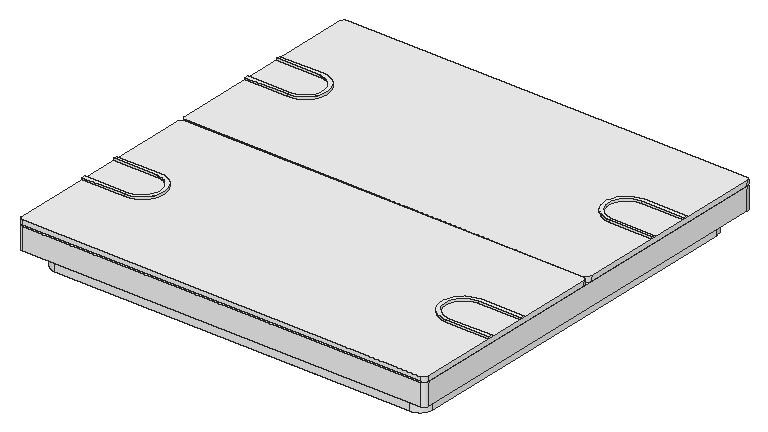
Revit family "Gira_5002028", category Electrical Fixtures, host Face, Revit 2017
Family settings
  Host = Face
  Maintain Annotation Orientation = No
  Round Connector Dimension = Use Diameter
  Part Type = Normal
  Cut with Voids When Loaded = No
  Shared = No
  Room Calculation Point = No
Parameters (values of type "KNX PB sens.4 Komfort 2-g TS4 anthra.")
  With room temperature controller = no
  With label area = no
  With display = no
  With anti-theft/dismantling protection = yes
  With IR sensor = no
  White = White
  URL = "https://www.gira.de/"
  Type Comments = ""
  Transparent = no
  Radio frequent bidirectional = no
  Number of buttons = 2
  Model = ""
  Manufacturer = "Gira"
  Keynote = ""
  HeinzeBIM = "https://www.heinze.de/bim/knx-pb-sens-4-komfort-2-g-ts4-anthra-/884cfc55acfea20305716e9605808f435908a931"
  HAN = "5002028"
  GTIN = "4010337070863"
  Description = ""
  Default Elevation = 1219.2 mm
  Cost = 0
  Colour = "anthracite"
  Bus connection included = yes
  BIMSITE_PRODUCT_ID = "884cfc55acfea20305716e9605808f435908a931"
  BIM = "https://media.live.bim.site/t/eyJhbGciOiJIUzI1NiIsInR5cCI6IkpXVCJ9.eyJjdCI6MSwidGYiOiJwdWJsaWMvZ2lyYS8wOWY1ZGI1LzQwXzUwMDEwMCBUUzQgMmZhY2gucmZhIiwiY2lkIjoiZmVkOThlOWEtMWJkOC00YzY4LWE3M2ItNzRhOTRlMzE1ODIzIiwicmlkIjoiMDI2YjAyMzYzMTY4YjZjMmE2Y2JhNmM4NzEyM2VkZDIiLCJwaWQiOiI4ODRjZmM1NWFjZmVhMjAzMDU3MTZlOTYwNTgwOGY0MzU5MDhhOTMxIiwic2lkIjoiNjM0NzAiLCJ1dCI6NSwibGMiOiJlbiIsImlhdCI6MTYwNzQzODM4OCwiaXNzIjoiaHR0cHM6Ly9hcGkubGl2ZS5iaW0uc2l0ZSIsInN1YiI6IjhkM2FhNWNiLWUwNjYtNDU5OC1iZTE2LTZlMTZlZTc0OTU2YSJ9.U2peY0AE-zG1GdZDh5UAPxzTr5jxgpt-6-HuhCTCfYY/40_500100 TS4 2fach.rfa"
  Assembly Code = ""
Reference planes
  plane 1 "Center (Front/Back)": y = 0
  plane 2: z = 0
  plane 3 "Center (Left/Right)": x = 0
Forms (mm)
  Extrusion 1, solid, material "White", detail levels fine
    sketch origin (0, 0, 0) x (1, 0, 0) y (0, 1, 0)
      loop
        line (25.45, 35.45) -> (-25.45, 35.45)
        arc (-25.45, 35.45) -> (-32.521, 32.521) -> (-35.45, 25.45) r 10
        line (-35.45, 25.45) -> (-35.45, -25.45)
        arc (-35.45, -25.45) -> (-32.521, -32.521) -> (-25.45, -35.45) r 10
        line (-25.45, -35.45) -> (25.45, -35.45)
        arc (25.45, -35.45) -> (32.521, -32.521) -> (35.45, -25.45) r 10
        line (35.45, -25.45) -> (35.45, 25.45)
        arc (35.45, 25.45) -> (32.521, 32.521) -> (25.45, 35.45) r 10
      loop
        arc (-31.325, 28.496) -> (-31.325, 25.668) -> (-28.496, 25.668) r 2
        line (-28.496, 25.668) -> (-25.668, 28.496)
        arc (-25.668, 28.496) -> (-25.668, 31.325) -> (-28.496, 31.325) r 2
        line (-28.496, 31.325) -> (-31.325, 28.496)
      loop
        arc (-28.496, -31.325) -> (-25.668, -31.325) -> (-25.668, -28.496) r 2
        line (-25.668, -28.496) -> (-28.496, -25.668)
        arc (-28.496, -25.668) -> (-31.325, -25.668) -> (-31.325, -28.496) r 2
        line (-31.325, -28.496) -> (-28.496, -31.325)
      loop
        line (31.325, 28.496) -> (28.496, 31.325)
        arc (28.496, 31.325) -> (25.668, 31.325) -> (25.668, 28.496) r 2
        line (25.668, 28.496) -> (28.496, 25.668)
        arc (28.496, 25.668) -> (31.325, 25.668) -> (31.325, 28.496) r 2
      loop
        line (28.496, -31.325) -> (31.325, -28.496)
        arc (31.325, -28.496) -> (31.325, -25.668) -> (28.496, -25.668) r 2
        line (28.496, -25.668) -> (25.668, -28.496)
        arc (25.668, -28.496) -> (25.668, -31.325) -> (28.496, -31.325) r 2
      loop
        line (-13.39, 22.831) -> (-22.831, 13.39) -> (-22.831, -13.39) -> (-13.39, -22.831) -> (13.39, -22.831) -> (22.831, -13.39) -> (22.831, 13.39) -> (13.39, 22.831) -> (-13.39, 22.831)
      loop
        arc (-1.681, 31.793) -> (-6.669, 29.581) -> (-1.417, 28.102) r 2.9
        arc (-1.417, 28.102) -> (2.178, 28.079) -> (5.741, 27.6) r 28.291
        arc (5.741, 27.6) -> (7.553, 29.282) -> (6.077, 31.265) r 1.851
        arc (6.077, 31.265) -> (2.215, 31.784) -> (-1.681, 31.793) r 29.64
      loop
        arc (1.681, -31.793) -> (6.669, -29.581) -> (1.417, -28.102) r 2.9
        arc (1.417, -28.102) -> (-2.178, -28.079) -> (-5.741, -27.6) r 28.291
        arc (-5.741, -27.6) -> (-7.553, -29.282) -> (-6.077, -31.265) r 1.851
        arc (-6.077, -31.265) -> (-2.215, -31.784) -> (1.681, -31.793) r 29.64
      loop
        arc (-31.793, -1.681) -> (-29.581, -6.669) -> (-28.102, -1.417) r 2.9
        arc (-28.102, -1.417) -> (-28.079, 2.178) -> (-27.6, 5.741) r 28.291
        arc (-27.6, 5.741) -> (-29.282, 7.553) -> (-31.265, 6.077) r 1.851
        arc (-31.265, 6.077) -> (-31.784, 2.215) -> (-31.793, -1.681) r 29.64
      loop
        arc (31.793, 1.681) -> (29.581, 6.669) -> (28.102, 1.417) r 2.9
        arc (28.102, 1.417) -> (28.079, -2.178) -> (27.6, -5.741) r 28.291
        arc (27.6, -5.741) -> (29.282, -7.553) -> (31.265, -6.077) r 1.851
        arc (31.265, -6.077) -> (31.784, -2.215) -> (31.793, 1.681) r 29.64
    from 0 to -1
  Extrusion 2, solid, material "White", detail levels medium+fine
    sketch origin (0, 0, 0) x (1, 0, 0) y (0, 1, 0)
      loop
        line (-22.831, 13.39) -> (-22.831, -13.39) -> (-13.39, -22.831) -> (13.39, -22.831) -> (22.831, -13.39) -> (22.831, 13.39) -> (13.39, 22.831) -> (-13.39, 22.831) -> (-22.831, 13.39)
    from 0 to -15.5
  Extrusion 3, solid, material "White", detail levels medium
    sketch origin (0, 0, 0) x (1, 0, 0) y (0, 1, 0)
      loop
        line (35.45, 35.45) -> (-35.45, 35.45) -> (-35.45, -35.45) -> (35.45, -35.45) -> (35.45, 35.45)
    from 0 to -1
  Extrusion 4, solid, material "White" <- "White", detail levels fine
    sketch origin (0, 0, 0) x (1, 0, 0) y (0, 1, 0)
      loop
        arc (-41.4, 44.4) -> (-43.521, 43.521) -> (-44.4, 41.4) r 3
        line (-44.4, 41.4) -> (-44.4, -41.4)
        arc (-44.4, -41.4) -> (-43.521, -43.521) -> (-41.4, -44.4) r 3
        line (-41.4, -44.4) -> (41.4, -44.4)
        arc (41.4, -44.4) -> (43.521, -43.521) -> (44.4, -41.4) r 3
        line (44.4, -41.4) -> (44.4, 41.4)
        arc (44.4, 41.4) -> (43.521, 43.521) -> (41.4, 44.4) r 3
        line (41.4, 44.4) -> (-41.4, 44.4)
      loop
        arc (-42.4, -41.4) -> (-42.107, -42.107) -> (-41.4, -42.4) r 1
        line (-41.4, -42.4) -> (41.4, -42.4)
        arc (41.4, -42.4) -> (42.107, -42.107) -> (42.4, -41.4) r 1
        line (42.4, -41.4) -> (42.4, 41.4)
        arc (42.4, 41.4) -> (42.107, 42.107) -> (41.4, 42.4) r 1
        line (41.4, 42.4) -> (-41.4, 42.4)
        arc (-41.4, 42.4) -> (-42.107, 42.107) -> (-42.4, 41.4) r 1
        line (-42.4, 41.4) -> (-42.4, -41.4)
    from 0 to 4
  Extrusion 5, solid, material "White" <- "White", detail levels medium
    sketch origin (0, 0, 0) x (1, 0, 0) y (0, 1, 0)
      loop
        line (-44.4, 44.4) -> (-44.4, -44.4) -> (44.4, -44.4) -> (44.4, 44.4) -> (-44.4, 44.4)
    from 0 to 4
  Extrusion 6, solid, material "White" <- "White", detail levels fine
    sketch origin (0, 0, 0) x (1, 0, 0) y (0, 1, 0)
      loop
        line (-46.5, -47.5) -> (46.5, -47.5)
        arc (46.5, -47.5) -> (47.207, -47.207) -> (47.5, -46.5) r 1
        line (47.5, -46.5) -> (47.5, 46.5)
        arc (47.5, 46.5) -> (47.207, 47.207) -> (46.5, 47.5) r 1
        line (46.5, 47.5) -> (-46.5, 47.5)
        arc (-46.5, 47.5) -> (-47.207, 47.207) -> (-47.5, 46.5) r 1
        line (-47.5, 46.5) -> (-47.5, -46.5)
        arc (-47.5, -46.5) -> (-47.207, -47.207) -> (-46.5, -47.5) r 1
    from 4 to 9
  Extrusion 7, solid, material "White" <- "White", detail levels medium
    sketch origin (0, 0, 0) x (1, 0, 0) y (0, 1, 0)
      loop
        line (-47.5, -47.5) -> (47.5, -47.5) -> (47.5, -0.2) -> (-47.5, -0.2) -> (-47.5, -47.5)
      loop
        line (47.5, 0.2) -> (47.5, 47.5) -> (-47.5, 47.5) -> (-47.5, 0.2) -> (47.5, 0.2)
    from 4 to 10.7
  Extrusion 8, solid, material "White" <- "White", detail levels fine
    sketch origin (0, 0, 0) x (1, 0, 0) y (0, 1, 0)
      loop
        line (-46.5, -47.5) -> (46.5, -47.5)
        arc (46.5, -47.5) -> (47.207, -47.207) -> (47.5, -46.5) r 1
        line (47.5, -46.5) -> (47.5, -1.2)
        arc (47.5, -1.2) -> (47.207, -0.493) -> (46.5, -0.2) r 1
        line (46.5, -0.2) -> (-46.5, -0.2)
        arc (-46.5, -0.2) -> (-47.207, -0.493) -> (-47.5, -1.2) r 1
        line (-47.5, -1.2) -> (-47.5, -46.5)
        arc (-47.5, -46.5) -> (-47.207, -47.207) -> (-46.5, -47.5) r 1
      loop
        line (47.5, 1.2) -> (47.5, 46.5)
        arc (47.5, 46.5) -> (47.207, 47.207) -> (46.5, 47.5) r 1
        line (46.5, 47.5) -> (-46.5, 47.5)
        arc (-46.5, 47.5) -> (-47.207, 47.207) -> (-47.5, 46.5) r 1
        line (-47.5, 46.5) -> (-47.5, 1.2)
        arc (-47.5, 1.2) -> (-47.207, 0.493) -> (-46.5, 0.2) r 1
        line (-46.5, 0.2) -> (46.5, 0.2)
        arc (46.5, 0.2) -> (47.207, 0.493) -> (47.5, 1.2) r 1
    from 9.3 to 10.3
  Extrusion 9, solid, material "White" <- "White", detail levels fine
    sketch origin (0, 0, 0) x (1, 0, 0) y (0, 1, 0)
      loop
        line (-37.5, 28.8) -> (-47.5, 28.8) -> (-47.5, 28) -> (-37.5, 28)
        arc (-37.5, 28) -> (-33.3, 23.8) -> (-37.5, 19.6) r 4.2
        line (-37.5, 19.6) -> (-47.5, 19.6) -> (-47.5, 18.8) -> (-37.5, 18.8)
        arc (-37.5, 18.8) -> (-32.5, 23.8) -> (-37.5, 28.8) r 5
      loop
        arc (37.5, 28.8) -> (32.5, 23.8) -> (37.5, 18.8) r 5
        line (37.5, 18.8) -> (47.5, 18.8) -> (47.5, 19.6) -> (37.5, 19.6)
        arc (37.5, 19.6) -> (33.3, 23.8) -> (37.5, 28) r 4.2
        line (37.5, 28) -> (47.5, 28) -> (47.5, 28.8) -> (37.5, 28.8)
      loop
        arc (-37.5, -28.8) -> (-32.5, -23.8) -> (-37.5, -18.8) r 5
        line (-37.5, -18.8) -> (-47.5, -18.8) -> (-47.5, -19.6) -> (-37.5, -19.6)
        arc (-37.5, -19.6) -> (-33.3, -23.8) -> (-37.5, -28) r 4.2
        line (-37.5, -28) -> (-47.5, -28) -> (-47.5, -28.8) -> (-37.5, -28.8)
      loop
        line (37.5, -28.8) -> (47.5, -28.8) -> (47.5, -28) -> (37.5, -28)
        arc (37.5, -28) -> (33.3, -23.8) -> (37.5, -19.6) r 4.2
        line (37.5, -19.6) -> (47.5, -19.6) -> (47.5, -18.8) -> (37.5, -18.8)
        arc (37.5, -18.8) -> (32.5, -23.8) -> (37.5, -28.8) r 5
    from 9.5 to 10.7
  Extrusion 10, solid, material "White" <- "White", detail levels coarse
    sketch origin (0, 0, 0) x (1, 0, 0) y (0, 1, 0)
      loop
        line (-47.5, -47.5) -> (47.5, -47.5) -> (47.5, 47.5) -> (-47.5, 47.5) -> (-47.5, -47.5)
    from -15.4 to 10.7
Lines and regions (mm)
  reference lines
    curve 1: line (0, 47.5, 0) -> (0, -47.5, 0)
    curve 2: line (-47.5, 0, 0) -> (47.5, 0, 0)
Dimensions and locks
  aligned and locked: plane 2 to host face
  aligned and locked: level to host face
Connectors
  electrical at (0, 0, -15.5)
    settings: on Extrusion 2, index 1, voltage 220 V, apparent load 0 VA, apparent load phase1 0 VA, apparent load phase2 0 VA, apparent load phase3 0 VA, power factor 1, load classification "Other", number of poles 1, system type 31, power factor state 1, is connector primary yes, connector utility no, sub classification motor no, connector description ""
